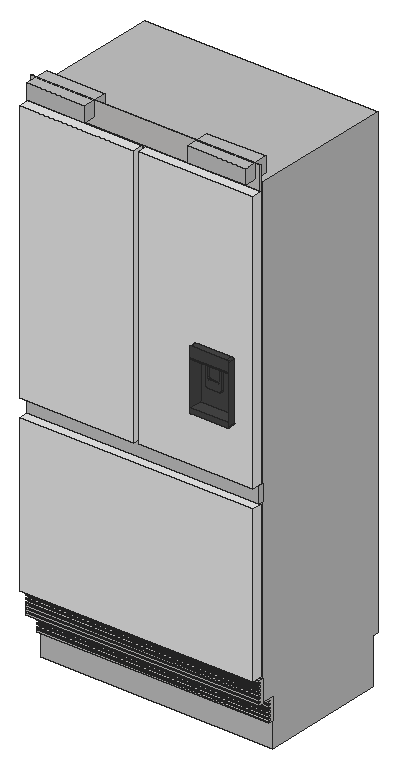
Revit family "FP_Revit_18_RS36A80U1_Fridge_90001168A", category Specialty Equipment, Revit 2018 (continued)
Definition of nested family "F&P Handle Kit - Professional Round Flush - Vertical"
  Types (6, lengths in mm): name | Handle - Length
    AHP3RD36A - Professional round flush handle (1 of 2) (Vertical) | 727
  Reference planes
    plane 1 "Center (Front/Back)": y = 0
    plane 2: z = 0
    plane 3 "Center (Left/Right)": x = 0
    plane 4 "Top": z = 363.5
    plane 5 "Bottom": z = -363.5
    plane 6 "Top Standoff": z = 303.5
    plane 7 "Bottom Standoff": z = -303.5
  Forms (mm)
    Extrusion 1, solid, material <- "Material - Handle", detail levels fine
      sketch origin (0, 0, 0) x (1, 0, 0) y (0, 1, 0)
        loop
          arc (-12.817, -46.665) -> (0, -58.016) -> (12.817, -46.665) r 12.912
          line (12.817, -46.665) -> (18.5, 0) -> (-18.5, 0) -> (-12.817, -46.665)
      from 303.5 to 363.5
    Extrusion 2, solid, material <- "Material - Handle", detail levels fine
      sketch origin (0, 0, 0) x (1, 0, 0) y (0, 1, 0)
        loop
          arc (-12.817, -46.665) -> (0, -58.016) -> (12.817, -46.665) r 12.912
          line (12.817, -46.665) -> (18.5, 0) -> (-18.5, 0) -> (-12.817, -46.665)
      from -363.5 to -303.5
    Extrusion 3, solid, material <- "Material - Handle"
      sketch origin (0, 0, 0) x (1, 0, 0) y (0, 1, 0)
        loop
          circle (0, -45.116) r 12.7
      from -303.5 to 303.5
    Sweep 4, void
      path in 3D
        loop
          line (18.5, 0, 363.5) -> (12.817, -46.665, 363.5)
          arc (12.817, -46.665, 363.5) -> (0, -58.016, 363.5) -> (-12.817, -46.665, 363.5) r 12.912
          line (-12.817, -46.665, 363.5) -> (-18.5, 0, 363.5)
      profile origin (0, -58.016, 363.5) x (0, -1, 0) y (0, 0, 1)
        loop
          line (0, 0) -> (-1.5, 0) -> (0, -1.5) -> (0, 0)
    Sweep 5, void
      path in 3D
        loop
          line (-18.5, 0, -363.5) -> (-12.817, -46.665, -363.5)
          arc (-12.817, -46.665, -363.5) -> (0, -58.016, -363.5) -> (12.817, -46.665, -363.5) r 12.912
          line (12.817, -46.665, -363.5) -> (18.5, 0, -363.5)
      profile origin (0, -58.016, -363.5) x (0, -1, 0) y (0, 0, -1)
        loop
          line (0, 0) -> (-1.5, 0) -> (0, -1.5) -> (0, 0)
    Extrusion 6, solid, material <- "Material - Handle", detail levels coarse+medium
      sketch origin (0, 0, 0) x (1, 0, 0) y (0, 1, 0)
        loop
          arc (-12.817, -46.665) -> (0, -58.016) -> (12.817, -46.665) r 12.912
          line (12.817, -46.665) -> (18.5, 0) -> (-18.5, 0) -> (-12.817, -46.665)
      from 303.5 to 363.5
    Extrusion 7, solid, material <- "Material - Handle", detail levels coarse+medium
      sketch origin (0, 0, 0) x (1, 0, 0) y (0, 1, 0)
        loop
          arc (-12.817, -46.665) -> (0, -58.016) -> (12.817, -46.665) r 12.912
          line (12.817, -46.665) -> (18.5, 0) -> (-18.5, 0) -> (-12.817, -46.665)
      from -363.5 to -303.5
  Cuts and joins
    Sweep 4 cuts Extrusion 1
    Sweep 5 cuts Extrusion 2
  Lines and regions (mm)
    sketch lines
      curve 1: arc (12.817, -46.665, 363.5) -> (0, -58.016, 363.5) -> (-12.817, -46.665, 363.5) r 12.912
      curve 2: line (12.817, -46.665, 363.5) -> (18.5, 0, 363.5)
      curve 3: line (-18.5, 0, 363.5) -> (-12.817, -46.665, 363.5)
      curve 4: arc (-12.817, -46.665, -363.5) -> (0, -58.016, -363.5) -> (12.817, -46.665, -363.5) r 12.912
      curve 5: line (18.5, 0, -363.5) -> (12.817, -46.665, -363.5)
      curve 6: line (-12.817, -46.665, -363.5) -> (-18.5, 0, -363.5)
  Dimensions and locks
    equal spacing: plane 4 "Top", level, plane 5 "Bottom"
    "Handle - Length": plane 4 "Top" to plane 5 "Bottom"
    aligned and locked: level to plane 2
    aligned and locked: plane 4 "Top" to Extrusion 1
    aligned and locked: Extrusion 1 to plane 6 "Top Standoff"
    aligned and locked: Extrusion 2 to plane 5 "Bottom"
    aligned and locked: plane 1 "Center (Front/Back)" to Extrusion 2 sketch curve
    aligned and locked: plane 6 "Top Standoff" to Extrusion 3
    aligned and locked: Extrusion 3 to plane 7 "Bottom Standoff"
    aligned and locked: Extrusion 6 to cut or joined group of Extrusion 1, Sweep 4
    aligned and locked: Extrusion 7 to cut or joined group of Extrusion 2, Sweep 5
  Automatic sketch dimensions
    plane 1 "Center (Front/Back)" to Extrusion 1 sketch curve = 0 mm
    Extrusion 1 sketch curve to plane 3 "Center (Left/Right)" = 0 mm
    Extrusion 1 sketch curve to plane 3 "Center (Left/Right)" = 12.817 mm
    Extrusion 1 sketch curve to plane 3 "Center (Left/Right)" = 18.5 mm
    plane 3 "Center (Left/Right)" to Extrusion 1 sketch curve = 12.817 mm
    plane 3 "Center (Left/Right)" to Extrusion 1 sketch curve = 18.5 mm
    plane 1 "Center (Front/Back)" to Extrusion 1 sketch curve = 45.104 mm
    Extrusion 1 sketch curve to Extrusion 1 sketch curve = 1.561 mm
    Extrusion 2 sketch curve to plane 3 "Center (Left/Right)" = 0 mm
    Extrusion 2 sketch curve to plane 3 "Center (Left/Right)" = 12.817 mm
    Extrusion 2 sketch curve to plane 3 "Center (Left/Right)" = 18.5 mm
    plane 3 "Center (Left/Right)" to Extrusion 2 sketch curve = 12.817 mm
    plane 3 "Center (Left/Right)" to Extrusion 2 sketch curve = 18.5 mm
    plane 1 "Center (Front/Back)" to Extrusion 2 sketch curve = 45.104 mm
    Extrusion 2 sketch curve to Extrusion 2 sketch curve = 1.561 mm
    Extrusion 3 sketch curve to plane 3 "Center (Left/Right)" = 0 mm
    plane 1 "Center (Front/Back)" to Extrusion 3 sketch curve = 45.116 mm
    Sweep 4 sketch curve to profile plane = 0 mm  (x2)
    profile plane to Sweep 4 sketch curve = 1.5 mm
    Sweep 4 sketch curve to profile plane = 1.5 mm
    profile plane to Sweep 5 sketch curve = 0 mm
    Sweep 5 sketch curve to profile plane = 0 mm
    profile plane to Sweep 5 sketch curve = 1.5 mm
    Sweep 5 sketch curve to profile plane = 1.5 mm
    Extrusion 6 sketch curve to plane 3 "Center (Left/Right)" = 0 mm
    Extrusion 6 sketch curve to plane 3 "Center (Left/Right)" = 12.817 mm
    Extrusion 6 sketch curve to plane 3 "Center (Left/Right)" = 18.5 mm
    plane 3 "Center (Left/Right)" to Extrusion 6 sketch curve = 12.817 mm
    plane 3 "Center (Left/Right)" to Extrusion 6 sketch curve = 18.5 mm
    plane 1 "Center (Front/Back)" to Extrusion 6 sketch curve = 46.665 mm
    Extrusion 6 sketch curve to Extrusion 6 sketch curve = 1.561 mm
    Extrusion 6 sketch curve to Extrusion 6 sketch curve = 46.665 mm
    Extrusion 7 sketch curve to plane 3 "Center (Left/Right)" = 0 mm
    Extrusion 7 sketch curve to plane 3 "Center (Left/Right)" = 12.817 mm
    Extrusion 7 sketch curve to plane 3 "Center (Left/Right)" = 18.5 mm
    plane 3 "Center (Left/Right)" to Extrusion 7 sketch curve = 12.817 mm
    plane 3 "Center (Left/Right)" to Extrusion 7 sketch curve = 18.5 mm
    plane 1 "Center (Front/Back)" to Extrusion 7 sketch curve = 46.665 mm
    Extrusion 7 sketch curve to Extrusion 7 sketch curve = 1.561 mm
    Extrusion 7 sketch curve to Extrusion 7 sketch curve = 46.665 mm
    radius of Extrusion 3 sketch curve = 12.7 mm
Definition of nested family "Comment Marker 2D"
  Types (3): name
    New
    Resolved
    Active
  Reference planes
    plane 1: y = 0
    plane 2: x = 0
  Text (mm)
    text "Edit Type: \nTo control handle kit \nand door panel visibility\n options\n\nDelete unwanted kits \nto reduce file size" at (-0.165, 35.556, 0)
Types (4, lengths in mm): name | Stainless Steel Door Panel Set | Product - Height | Model | Handle Style - Professional Round Flush (AHP3S36A) | Connector Description - Water | Connector Description - Electrical | Cavity - Height
  (no name) | no | 2028 | "RS36A80U1" | no | "1/4\" (6mm) comp. Stainless steel braided hose" | "115 V, 60 Hz, 10 A fused electrical supply" | 2032
  RS36A80U1 (without door panels) | no | 2028 | "RS36A80U1" | no | "1/4\" (6mm) comp. Stainless steel braided hose" | "115 V, 60 Hz, 10 A fused electrical supply" | 2032
  RS36A80U1 (with 84" door panel set RD3684AU) | yes | 2130 | "RS36A80U1 (with 84\" door panel set RD3684AU)" | yes | "" | "115 V, 60 Hz, 10 A, fused electrical supply" | 2134
  RS36A80U1 (with 80" door panel set RD3680AU) | yes | 2028 | "RS36A80U1 (with 80\" door panel set RD3680AU)" | yes | "1/4\" (6mm) comp. Stainless steel braided hose" | "120 V, 10 A, fused electrical supply" | 2032
